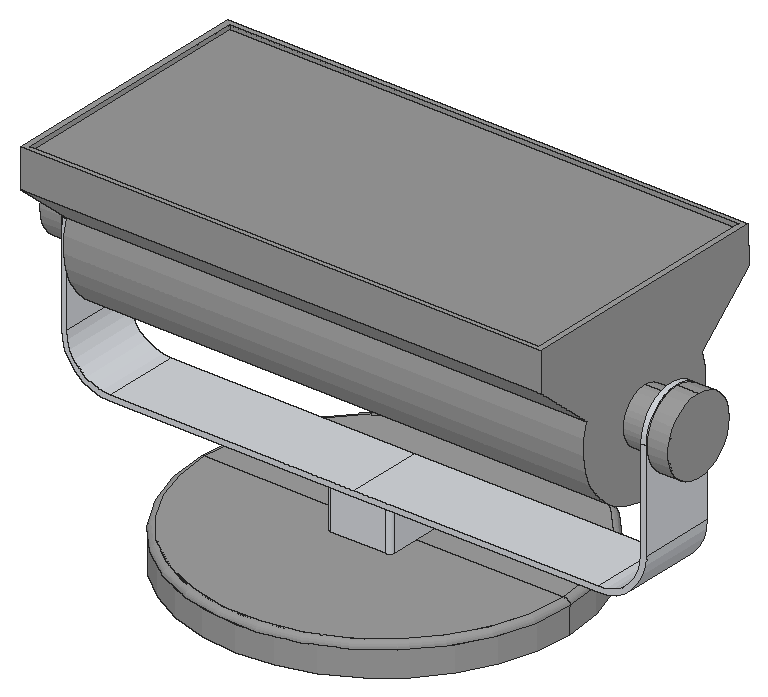
Revit family "Alcon-13126-6-RM-Revit-Family", category Generic Models, host Face, Revit 2025
Family settings
  Host = Face
  Can host rebar = No
  Round Connector Dimension = Use Diameter
  Part Type = Normal
  Cut with Voids When Loaded = No
  Maintain Annotation Orientation = No
  Shared = No
  Room Calculation Point = No
Parameters
  URL = "https://www.alconlighting.com/?srsltid=AfmBOooDPhGQ0dEP-X2PMtxFfvvWpIAEL4jCll_O2F4_to5onvhnBomy"
  Product Page URL = "https://www.alconlighting.com/13126-6.html"
  Model = "13126-6"
  Manufacturer = "ALCON Lighter"
  Housing = Default
  Fixture Rotation = 90.00°
  Default Elevation = 4' - 0"
Reference planes (in)
  plane 1 "Center (Front/Back)": y = 0
  plane 2: z = 0
  plane 3 "Center (Left/Right)": x = 0
  plane 4: z = 2.21166
Forms (in)
  Extrusion 1, solid
    sketch origin (0, 0.03835, 2.5764) x (1, 0, 0) y (0, 0, -1)
      loop
        line (0, 1.64916) -> (2.8125, 1.64916)
        arc (2.8125, 1.64916) -> (3.16605, 1.50272) -> (3.3125, 1.14916) r 0.5
        line (3.3125, 1.14916) -> (3.3125, -0.50555) -> (3.375, -0.50555) -> (3.375, 1.14824)
        arc (3.375, 1.14824) -> (3.20998, 1.54664) -> (2.81158, 1.71166) r 0.56342
        line (2.81158, 1.71166) -> (0, 1.71166) -> (-2.81158, 1.71166)
        arc (-2.81158, 1.71166) -> (-3.20998, 1.54664) -> (-3.375, 1.14824) r 0.56342
        line (-3.375, 1.14824) -> (-3.375, -0.50546) -> (-3.3125, -0.50546) -> (-3.3125, 1.14916)
        arc (-3.3125, 1.14916) -> (-3.16605, 1.50272) -> (-2.8125, 1.64916) r 0.5
        line (-2.8125, 1.64916) -> (0, 1.64916)
    from -0.47585 to 0.39915
  Extrusion 2, solid
    sketch origin (0, 0, 0.86474) x (-1, 0, 0) y (0, 1, 0)
      loop
        arc (-0.375, -0.3125) -> (-0.35669, -0.35669) -> (-0.3125, -0.375) r 0.0625
        line (-0.3125, -0.375) -> (0.3125, -0.375)
        arc (0.3125, -0.375) -> (0.35669, -0.35669) -> (0.375, -0.3125) r 0.0625
        line (0.375, -0.3125) -> (0.375, 0.3125)
        arc (0.375, 0.3125) -> (0.35669, 0.35669) -> (0.3125, 0.375) r 0.0625
        line (0.3125, 0.375) -> (-0.3125, 0.375)
        arc (-0.3125, 0.375) -> (-0.35669, 0.35669) -> (-0.375, 0.3125) r 0.0625
        line (-0.375, 0.3125) -> (-0.375, -0.3125)
    from 0 to 0.5
  Extrusion 3, void
    sketch origin (0, 0, 0.36474) x (0, -1, 0) y (0, 0, 1)
      loop
        arc (-0.4375, 2.21166) -> (0, 2.64916) -> (0.4375, 2.21166) r 0.4375
        line (0.4375, 2.21166) -> (0.4375, 0.3496) -> (0.5625, 0.3496) -> (0.5625, 2.77416) -> (-0.5625, 2.77416) -> (-0.5625, 0.3496) -> (-0.4375, 0.3496) -> (-0.4375, 2.21166)
    from -3.52982 to 3.51919
  Revolve 4, solid, material "Default" <- "Housing"
    sketch origin (0, 0, 0) x (1, 0, 0) y (0, 0, 1)
      loop
        line (0, 0) -> (2.14067, 0) -> (2.14067, 0.29309)
        arc (2.14067, 0.29309) -> (2.11968, 0.34376) -> (2.069, 0.36475) r 0.07166
        line (2.069, 0.36475) -> (0, 0.36475) -> (0, 0)
      axis (0, 0) -> (0, 0.36475)
    angle from 0 to 360
Cuts and joins
  Extrusion 3 cuts Extrusion 1
Dimensions and locks (in)
  "Fixture Rotation": angle nested 1 to plane 4
  aligned and locked: plane 2 to host face
  aligned and locked: level to host face
Automatic sketch dimensions
  host sketch curve to host sketch curve = 8' - 0"  (x2)
  Extrusion 1 sketch curve to plane 3 "Center (Left/Right)" = 0' - 0"  (x2)
  level to Extrusion 1 sketch curve = 0' - 0.86474"
  Extrusion 1 sketch curve to plane 3 "Center (Left/Right)" = 0' - 2.81158"
  Extrusion 1 sketch curve to Extrusion 1 sketch curve = 0' - 0.00092"  (x3)
  Extrusion 1 sketch curve to Extrusion 1 sketch curve = 0' - 0 1/2"
  Extrusion 1 sketch curve to Extrusion 1 sketch curve = 0' - 0 1/16"  (x2)
  level to Extrusion 1 sketch curve = 0' - 1.42816"
  plane 3 "Center (Left/Right)" to Extrusion 1 sketch curve = 0' - 2.81158"
  Extrusion 1 sketch curve to plane 4 = 0' - 0.87029"
  Extrusion 1 sketch curve to plane 4 = 0' - 0.8702"
  plane 3 "Center (Left/Right)" to Extrusion 2 sketch curve = 0' - 0 3/8"
  Extrusion 2 sketch curve to Extrusion 2 sketch curve = 0' - 0 1/16"  (x3)
  Extrusion 2 sketch curve to plane 3 "Center (Left/Right)" = 0' - 0 5/16"  (x2)
  Extrusion 2 sketch curve to plane 1 "Center (Front/Back)" = 0' - 0 3/8"
  plane 1 "Center (Front/Back)" to Extrusion 2 sketch curve = 0' - 0 5/16"
  Extrusion 3 sketch curve to plane 4 = 0' - 0.36474"
  Extrusion 3 sketch curve to plane 1 "Center (Front/Back)" = 0' - 0"
  Extrusion 3 sketch curve to plane 1 "Center (Front/Back)" = 0' - 0 7/16"
  Extrusion 3 sketch curve to Extrusion 3 sketch curve = 0' - 0 1/8"
  plane 1 "Center (Front/Back)" to Extrusion 3 sketch curve = 0' - 0 9/16"
  level to Extrusion 3 sketch curve = 0' - 0.71434"  (x2)
  Extrusion 3 sketch curve to plane 4 = 0' - 0.92724"
  Revolve 4 sketch curve to plane 3 "Center (Left/Right)" = 0' - 0"  (x2)
  level to Revolve 4 sketch curve = 0' - 0.29309"
  plane 3 "Center (Left/Right)" to Revolve 4 sketch curve = 0' - 2.069"
  level to Revolve 4 sketch curve = 0' - 0"
  Revolve 4 sketch curve to Revolve 4 sketch curve = 0' - 0.07166"
  Revolve 4 sketch curve to Revolve 4 sketch curve = 0' - 0"
  plane 4 to Revolve 4 sketch curve = 0' - 0.21166"
Nested families (in)
  nested 1: "Alcon - 13126-6 Box_" at (0, 0, 2.5764) x (0, 0, -1) z (-1, 0, 0), type "Alcon - 13126-6 Box_"
    with built-in parameter 1001306 0.21682 (stored number, unit not read)
Definition of nested family "Alcon - 13126-6 Box_"
  Parameters (values of type "Alcon - 13126-6 Box_")
    Wattage = 9.2903 W
    built-in parameter 1150110 = 1 (stored number, unit not read)
    built-in parameter 1114217 = 1 (stored number, unit not read)
    Tilt Angle = 60.00°
    built-in parameter 1150109 = 1 (stored number, unit not read)
    built-in parameter 1150134 = 3
    built-in parameter 1150113 = 1 (stored number, unit not read)
    built-in parameter 1010507 = 1.5708 (stored number, unit not read)
    built-in parameter 1010506 = 0.5236 (stored number, unit not read)
    built-in parameter 1150105 = 4614.1 (stored number, unit not read)
    Lumens = 1380 lm
    built-in parameter 1150115 = 1 (stored number, unit not read)
    Light Source Symbol Length = 10' - 0"
    built-in parameter 1150137 = (empty or 0)
    built-in parameter 1150139 = (empty or 0)
    built-in parameter 1001306 [instance] = 4' - 0"
    built-in parameter 1150112 = 1 (stored number, unit not read)
    built-in parameter 1150114 = 1 (stored number, unit not read)
    built-in parameter 1150132 = (empty or 0)
    built-in parameter 1150102 = (empty or 0)
    built-in parameter 1150107 = 3200 (stored number, unit not read)
    built-in parameter 1150138 = (empty or 0)
    built-in parameter 1150106 = 46.141 (stored number, unit not read)
    Glass Frosted = none
    built-in parameter 1150104 = 13.8 (stored number, unit not read)
    Dimming Lamp Color Temperature Shift = (empty or 0)
    Default Elevation = 0' - 0"
    Color Filter = 16777215
    Body = none
    built-in parameter 1114218 = 1 (stored number, unit not read)
    built-in parameter 1150133 = 10 (stored number, unit not read)
  Reference planes (in)
    plane 1 "Center (Front/Back)": y = 0
    plane 2: z = 0
    plane 3 "Left": x = 0
    plane 4 "Right": x = 48
  Forms (in)
    Extrusion 1, solid, material <- "Body"
      sketch origin (0, -0.82692, 2.54268) x (0, -1, 0) y (1, 0, 0)
        loop
          line (0.67308, -1.3125) -> (0.67308, -0.875) -> (0, -0.28606)
          arc (0, -0.28606) -> (-0.82692, 0.875) -> (-1.65384, -0.28606) r 0.875
          line (-1.65384, -0.28606) -> (-2.32692, -0.875) -> (-2.32692, -1.3125) -> (0.67308, -1.3125)
      from -5.54268 to 0.45732
    Extrusion 2, void
      sketch origin (0, 0, 0) x (1, 0, 0) y (0, 1, 0)
        loop
          line (-1.375, 1.4375) -> (-1.375, -1.4375) -> (-0.90336, -1.4375) -> (-0.30463, -0.75323) -> (-0.30463, 0.75323) -> (-0.90336, 1.4375) -> (-1.375, 1.4375)
      from -2.9375 to 2.9375
    Extrusion 3, solid, material <- "Glass Frosted"
      sketch origin (0, 0, 0) x (0, 1, 0) y (0, 0, 1)
        loop
          line (1.4375, 2.9375) -> (-1.4375, 2.9375) -> (-1.4375, -2.9375) -> (1.4375, -2.9375) -> (1.4375, 2.9375)
      from -1.26766 to -1.2223
    Extrusion 4, solid, material <- "Body"
      sketch origin (0, 0, 0) x (1, 0, 0) y (0, 1, 0)
        loop
          circle (0, 0) r 0.4375
      from -3.625 to 3.625
    Extrusion 5, void
      sketch origin (0, 0, 0) x (1, 0, 0) y (0, 1, 0)
        loop
          circle (0, 0) r 0.4375
        loop
          circle (0, 0) r 0.3125
      from -3.375 to 3.375
  Cuts and joins
    Extrusion 2 cuts Extrusion 1
    Extrusion 5 cuts Extrusion 4
  Lines and regions (in)
    reference lines
      curve 1: line (0, 0, 0) -> (48, 0, 0)
    model lines
      curve 2: line (0, 0, 0) -> (-13.25, 0, 0)
      curve 3: line (0, 0, 0) -> (-13.25, 0, 0)
  Dimensions and locks (in)
    "built-in parameter 1001306": plane 3 "Left" to plane 4 "Right"
    cut or joined group of Extrusion 1, Extrusion 2 to Extrusion 3 = 0' - 5 15/16"
    aligned and locked: plane 4 "Right" to curve 1
    aligned and locked: plane 1 "Center (Front/Back)" to curve 1
    aligned and locked: plane 3 "Left" to curve 1
    aligned and locked: level to plane 2
  Automatic sketch dimensions
    Extrusion 1 sketch curve to Extrusion 1 sketch curve = 0' - 0.67308"  (x2)
    Extrusion 1 sketch curve to Extrusion 1 sketch curve = 0' - 0.82692"
    Extrusion 1 sketch curve to Extrusion 1 sketch curve = 0' - 0 7/16"
    plane 1 "Center (Front/Back)" to Extrusion 1 sketch curve = 0' - 0"
    Extrusion 1 sketch curve to plane 3 "Left" = 0' - 0"
    Extrusion 1 sketch curve to plane 3 "Left" = 0' - 0.28606"
    plane 1 "Center (Front/Back)" to Extrusion 1 sketch curve = 0' - 0.82692"
    Extrusion 1 sketch curve to plane 3 "Left" = 0' - 0 7/8"  (x2)
    Extrusion 2 sketch curve to plane 3 "Left" = 0' - 0.30463"
    Extrusion 2 sketch curve to plane 3 "Left" = 0' - 0.90336"  (x2)
    Extrusion 2 sketch curve to Extrusion 2 sketch curve = 0' - 0.47164"
    plane 1 "Center (Front/Back)" to Extrusion 2 sketch curve = 0' - 0.75323"
    Extrusion 2 sketch curve to Extrusion 2 sketch curve = 0' - 0.68427"  (x2)
    Extrusion 2 sketch curve to plane 1 "Center (Front/Back)" = 0' - 0.75323"
    Extrusion 3 sketch curve to plane 1 "Center (Front/Back)" = 0' - 1 7/16"
    level to Extrusion 3 sketch curve = 0' - 2 15/16"
    plane 1 "Center (Front/Back)" to Extrusion 3 sketch curve = 0' - 1 7/16"
    Extrusion 3 sketch curve to level = 0' - 2 15/16"
    plane 1 "Center (Front/Back)" to curve 2 = 0' - 0"
    curve 2 to plane 3 "Left" = 0' - 0"
    curve 2 to curve 2 = 1' - 1 1/4"
    plane 1 "Center (Front/Back)" to Extrusion 4 sketch curve = 0' - 0"
    Extrusion 4 sketch curve to plane 3 "Left" = 0' - 0"
    curve 3 to plane 3 "Left" = 0' - 0"
    plane 1 "Center (Front/Back)" to Extrusion 5 sketch curve = 0' - 0"
    Extrusion 5 sketch curve to plane 3 "Left" = 0' - 0"
    Extrusion 5 sketch curve to Extrusion 5 sketch curve = 0' - 0 7/16"
    Extrusion 5 sketch curve to Extrusion 5 sketch curve = 0' - 0"  (x2)
    Extrusion 5 sketch curve to Extrusion 5 sketch curve = 0' - 0 1/8"
    plane 1 "Center (Front/Back)" to curve 3 = 0' - 0"
    curve 3 to curve 2 = 0' - 0"
    radius of Extrusion 4 sketch curve = 0' - 0 7/16"
